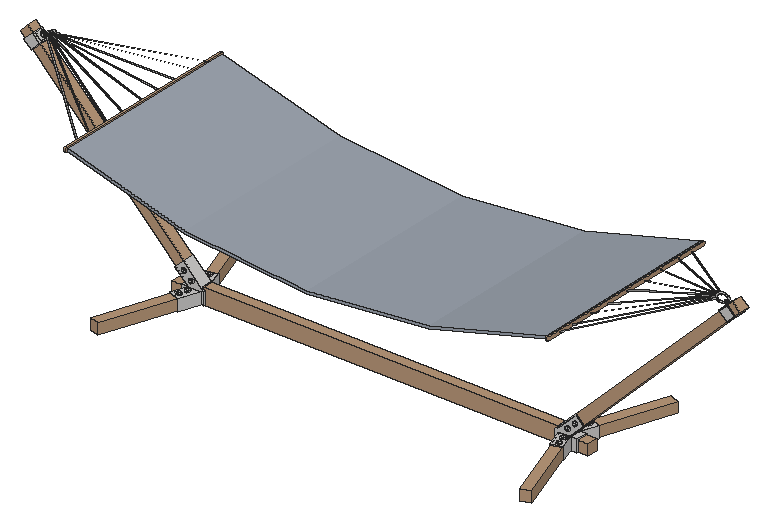
Revit family (continued)
Automatic sketch dimensions
  Extrusion 23 sketch curve to plane 7 = 0' - 0"
  Extrusion 23 sketch curve to plane 19 = 0' - 0 11/32"
  Sweep 24 sketch curve to plane 20 = 0' - 0"
  Sweep 24 sketch curve to plane 14 = 0' - 0.25038"
  Sweep 24 sketch curve to plane 20 = 1' - 5.16004"
  Sweep 24 sketch curve to plane 19 = 0' - 0.37233"
  Sweep 24 sketch curve to profile plane = 0' - 0"
  Sweep 24 sketch curve to plane 1 "Center (Front/Back)" = 0' - 0 1/4"
  Sweep 25 sketch curve to plane 14 = 0' - 0.23538"
  Sweep 25 sketch curve to plane 19 = 0' - 0.52051"
  Sweep 25 sketch curve to Sweep 25 sketch curve = 1' - 5.6753"
  Sweep 25 sketch curve to profile plane = 0' - 0"
  Sweep 25 sketch curve to profile plane = 0' - 0 1/4"
  Sweep 26 sketch curve to plane 14 = 0' - 0.23538"
  Sweep 26 sketch curve to plane 19 = 0' - 0.36672"
  Sweep 26 sketch curve to Sweep 26 sketch curve = 1' - 6.98492"
  Sweep 26 sketch curve to profile plane = 0' - 0"
  Sweep 26 sketch curve to profile plane = 0' - 0 1/4"
  Sweep 27 sketch curve to plane 14 = 0' - 0.23538"
  Sweep 27 sketch curve to plane 19 = 0' - 0.43863"
  Sweep 27 sketch curve to Sweep 27 sketch curve = 1' - 9.29734"
  Sweep 27 sketch curve to profile plane = 0' - 0"
  Sweep 27 sketch curve to profile plane = 0' - 0 1/4"
  Sweep 28 sketch curve to plane 14 = 0' - 0.40436"
  Sweep 28 sketch curve to plane 19 = 0' - 0.39567"
  Sweep 28 sketch curve to Sweep 28 sketch curve = 1' - 11.40661"
  Sweep 28 sketch curve to profile plane = 0' - 0"
  Sweep 28 sketch curve to profile plane = 0' - 0 1/4"
  Sweep 29 sketch curve to plane 14 = 0' - 0.23538"
  Sweep 29 sketch curve to plane 19 = 0' - 0.52051"
  Sweep 29 sketch curve to Sweep 29 sketch curve = 1' - 5.6753"
  Sweep 29 sketch curve to profile plane = 0' - 0"
  Sweep 29 sketch curve to profile plane = 0' - 0 1/4"
  Sweep 30 sketch curve to plane 14 = 0' - 0.23538"
  Sweep 30 sketch curve to plane 19 = 0' - 0.36672"
  Sweep 30 sketch curve to Sweep 30 sketch curve = 1' - 6.98492"
  Sweep 30 sketch curve to profile plane = 0' - 0"
  Sweep 30 sketch curve to profile plane = 0' - 0 1/4"
  Sweep 31 sketch curve to plane 14 = 0' - 0.23538"
  Sweep 31 sketch curve to plane 19 = 0' - 0.43863"
  Sweep 31 sketch curve to Sweep 31 sketch curve = 1' - 9.29734"
  Sweep 31 sketch curve to profile plane = 0' - 0"
  Sweep 31 sketch curve to profile plane = 0' - 0 1/4"
  Sweep 32 sketch curve to plane 14 = 0' - 0.54302"
  Sweep 32 sketch curve to plane 19 = 0' - 0.39567"
  Sweep 32 sketch curve to Sweep 32 sketch curve = 1' - 10.79467"
  Sweep 32 sketch curve to profile plane = 0' - 0"
  Sweep 32 sketch curve to profile plane = 0' - 0 1/4"
  Extrusion 33 sketch curve to plane 4 = 0' - 0"
  Extrusion 33 sketch curve to plane 10 = 0' - 0"
  Extrusion 33 sketch curve to Extrusion 33 sketch curve = 0' - 1.97327"
  Extrusion 33 sketch curve to Extrusion 33 sketch curve = 0' - 2.92489"
  Extrusion 33 sketch curve to Extrusion 33 sketch curve = 0' - 0.32591"
  Extrusion 34 sketch curve to plane 4 = 0' - 0"
  Extrusion 34 sketch curve to plane 15 = 0' - 0"
  Extrusion 34 sketch curve to plane 9 = 0' - 0 5/8"
  plane 13 to Extrusion 34 sketch curve = 0' - 1.40492"
  plane 13 to Extrusion 34 sketch curve = 0' - 0.29442"
  plane 12 to Extrusion 34 sketch curve = 0' - 0.70343"
  plane 4 to Extrusion 34 sketch curve = 0' - 0.74601"
  Extrusion 34 sketch curve to plane 9 = 0' - 0.22161"
  Extrusion 35 sketch curve to Extrusion 33 = 0' - 0"  (x4)
  Extrusion 35 sketch curve to Extrusion 33 = 0' - 0 1/8"  (x4)
  plane 13 to Extrusion 36 sketch curve = 0' - 1.44688"
  Extrusion 36 sketch curve to plane 10 = 0' - 0.79086"
  Extrusion 36 sketch curve to Extrusion 36 sketch curve = 0' - 0.22612"  (x3)
  Extrusion 36 sketch curve to Extrusion 36 sketch curve = 0' - 0.45225"  (x2)
  Extrusion 36 sketch curve to Extrusion 36 sketch curve = 0' - 0.39166"  (x3)
  plane 13 to Blend 37 sketch curve = 0' - 1.59122"
  Blend 37 sketch curve to Blend 37 sketch curve = 0' - 0.15396"  (x3)
  Blend 37 sketch curve to Blend 37 sketch curve = 0' - 0.30791"  (x2)
  Blend 37 sketch curve to plane 10 = 0' - 0.91586"
  Blend 37 sketch curve to Blend 37 sketch curve = 0' - 0.26666"  (x3)
  plane 13 to Extrusion 38 sketch curve = 0' - 0.98335"
  Extrusion 38 sketch curve to Extrusion 38 sketch curve = 0' - 0.22612"  (x3)
  Extrusion 38 sketch curve to Extrusion 38 sketch curve = 0' - 0.45225"  (x2)
  Extrusion 38 sketch curve to plane 10 = 0' - 2.21744"
  Extrusion 38 sketch curve to Extrusion 38 sketch curve = 0' - 0.39166"  (x3)
  plane 13 to Blend 39 sketch curve = 0' - 1.12769"
  Blend 39 sketch curve to Blend 39 sketch curve = 0' - 0.15396"  (x3)
  Blend 39 sketch curve to Blend 39 sketch curve = 0' - 0.30791"  (x2)
  Blend 39 sketch curve to plane 10 = 0' - 2.34244"
  Blend 39 sketch curve to Blend 39 sketch curve = 0' - 0.26666"  (x3)
  Extrusion 40 sketch curve to plane 10 = 0' - 3.00076"
  plane 13 to Extrusion 40 sketch curve = 0' - 0.98335"
  Extrusion 40 sketch curve to Extrusion 40 sketch curve = 0' - 0.39166"  (x3)
  Extrusion 40 sketch curve to Extrusion 40 sketch curve = 0' - 0.22612"  (x3)
  Extrusion 40 sketch curve to Extrusion 40 sketch curve = 0' - 0.45225"  (x2)
  Blend 41 sketch curve to plane 10 = 0' - 2.87576"
  plane 13 to Blend 41 sketch curve = 0' - 1.12769"
  Blend 41 sketch curve to Blend 41 sketch curve = 0' - 0.26666"  (x3)
  Blend 41 sketch curve to Blend 41 sketch curve = 0' - 0.15396"  (x3)
  Blend 41 sketch curve to Blend 41 sketch curve = 0' - 0.30791"  (x2)
  Extrusion 42 sketch curve to plane 10 = 0' - 1.57418"
  Extrusion 42 sketch curve to Extrusion 42 sketch curve = 0' - 0.39166"  (x3)
  plane 13 to Extrusion 42 sketch curve = 0' - 1.44688"
  Extrusion 42 sketch curve to Extrusion 42 sketch curve = 0' - 0.22612"  (x3)
  Extrusion 42 sketch curve to Extrusion 42 sketch curve = 0' - 0.45225"  (x2)
  Blend 43 sketch curve to plane 10 = 0' - 1.44918"
  Blend 43 sketch curve to Blend 43 sketch curve = 0' - 0.26666"  (x3)
  plane 13 to Blend 43 sketch curve = 0' - 1.59122"
  Blend 43 sketch curve to Blend 43 sketch curve = 0' - 0.15396"  (x3)
  Blend 43 sketch curve to Blend 43 sketch curve = 0' - 0.30791"  (x2)
  Extrusion 44 sketch curve to plane 13 = 0' - 0.02241"
  plane 13 to Extrusion 44 sketch curve = 0' - 0.35834"  (x2)
  Extrusion 44 sketch curve to Extrusion 44 sketch curve = 0' - 0.38075"
  plane 8 to Extrusion 44 sketch curve = 0' - 1.47701"
  Extrusion 44 sketch curve to Extrusion 44 sketch curve = 0' - 0.21983"  (x3)
  Extrusion 44 sketch curve to Extrusion 44 sketch curve = 0' - 0.43965"  (x2)
  plane 13 to Blend 45 sketch curve = 0' - 0.10259"
  Blend 45 sketch curve to Blend 45 sketch curve = 0' - 0.25575"  (x3)
  plane 8 to Blend 45 sketch curve = 0' - 1.33268"
  Blend 45 sketch curve to Blend 45 sketch curve = 0' - 0.14766"  (x3)
  Blend 45 sketch curve to Blend 45 sketch curve = 0' - 0.29531"  (x2)
  Extrusion 46 sketch curve to plane 8 = 0' - 0.05647"  (x2)
  plane 13 to Extrusion 46 sketch curve = 0' - 1.38632"
  plane 8 to Extrusion 46 sketch curve = 0' - 0.16335"
  Extrusion 46 sketch curve to Extrusion 46 sketch curve = 0' - 0.38075"  (x3)
  plane 9 to Extrusion 46 sketch curve = 0' - 0.28405"
  Extrusion 46 sketch curve to Extrusion 46 sketch curve = 0' - 0.43965"  (x2)
  Blend 47 sketch curve to plane 8 = 0' - 0.12864"  (x2)
  plane 13 to Blend 47 sketch curve = 0' - 1.51132"
  plane 9 to Blend 47 sketch curve = 0' - 0.42839"
  Blend 47 sketch curve to Blend 47 sketch curve = 0' - 0.25575"  (x3)
  plane 8 to Blend 47 sketch curve = 0' - 0.01901"
  Blend 47 sketch curve to Blend 47 sketch curve = 0' - 0.29531"  (x2)
  Extrusion 48 sketch curve to plane 5 = 0' - 0"
  Extrusion 48 sketch curve to plane 11 = 0' - 0"
  Extrusion 48 sketch curve to Extrusion 48 sketch curve = 0' - 1.97327"
  Extrusion 48 sketch curve to Extrusion 48 sketch curve = 0' - 2.92489"
  Extrusion 48 sketch curve to Extrusion 48 sketch curve = 0' - 0.32591"
  Extrusion 49 sketch curve to plane 14 = 0' - 1.03921"
  plane 5 to Extrusion 49 sketch curve = 2' - 10.19159"
  plane 14 to Extrusion 49 sketch curve = 0' - 0 3/8"
  Extrusion 49 sketch curve to Extrusion 49 sketch curve = 0' - 1.41421"
  plane 16 to Extrusion 49 sketch curve = 0' - 0.09921"
  Extrusion 50 sketch curve to plane 5 = 0' - 0"
  Extrusion 50 sketch curve to plane 15 = 0' - 0"
  Extrusion 50 sketch curve to plane 9 = 0' - 0 5/8"
  Extrusion 50 sketch curve to Extrusion 50 sketch curve = 0' - 2.03258"
  plane 5 to Extrusion 50 sketch curve = 0' - 3.14308"
  plane 8 to Extrusion 50 sketch curve = 0' - 1.07649"
  Extrusion 50 sketch curve to Extrusion 50 sketch curve = 0' - 1.59099"
  Extrusion 50 sketch curve to plane 5 = 0' - 0.74601"
  Extrusion 51 sketch curve to Extrusion 48 = 0' - 0"  (x4)
  Extrusion 51 sketch curve to Extrusion 48 = 0' - 0 1/8"  (x4)
  plane 5 to Extrusion 52 sketch curve = 0' - 1.99062"
  plane 11 to Extrusion 52 sketch curve = 0' - 0.79086"
  Extrusion 52 sketch curve to Extrusion 52 sketch curve = 0' - 0.22612"  (x3)
  Extrusion 52 sketch curve to Extrusion 52 sketch curve = 0' - 0.45225"  (x2)
  Extrusion 52 sketch curve to Extrusion 52 sketch curve = 0' - 0.39166"  (x3)
  plane 5 to Blend 53 sketch curve = 0' - 1.84628"
  Blend 53 sketch curve to Blend 53 sketch curve = 0' - 0.15396"  (x3)
  Blend 53 sketch curve to Blend 53 sketch curve = 0' - 0.30791"  (x2)
  plane 11 to Blend 53 sketch curve = 0' - 0.91586"
  Blend 53 sketch curve to Blend 53 sketch curve = 0' - 0.26666"  (x3)
  plane 5 to Extrusion 54 sketch curve = 0' - 2.45415"
  Extrusion 54 sketch curve to Extrusion 54 sketch curve = 0' - 0.22612"  (x3)
  Extrusion 54 sketch curve to Extrusion 54 sketch curve = 0' - 0.45225"  (x2)
  plane 11 to Extrusion 54 sketch curve = 0' - 2.21744"
  Extrusion 54 sketch curve to Extrusion 54 sketch curve = 0' - 0.39166"  (x3)
  plane 5 to Blend 55 sketch curve = 0' - 2.30981"
  Blend 55 sketch curve to Blend 55 sketch curve = 0' - 0.15396"  (x3)
  Blend 55 sketch curve to Blend 55 sketch curve = 0' - 0.30791"  (x2)
  plane 11 to Blend 55 sketch curve = 0' - 2.34244"
  Blend 55 sketch curve to Blend 55 sketch curve = 0' - 0.26666"  (x3)
  plane 11 to Extrusion 56 sketch curve = 0' - 3.00076"
  Extrusion 56 sketch curve to Extrusion 56 sketch curve = 0' - 0.39166"  (x3)
  plane 5 to Extrusion 56 sketch curve = 0' - 2.45415"
  Extrusion 56 sketch curve to Extrusion 56 sketch curve = 0' - 0.22612"  (x3)
  Extrusion 56 sketch curve to Extrusion 56 sketch curve = 0' - 0.45225"  (x2)
  plane 11 to Blend 57 sketch curve = 0' - 2.87576"
  Blend 57 sketch curve to Blend 57 sketch curve = 0' - 0.26666"  (x3)
  plane 5 to Blend 57 sketch curve = 0' - 2.30981"
  Blend 57 sketch curve to Blend 57 sketch curve = 0' - 0.15396"  (x3)
  Blend 57 sketch curve to Blend 57 sketch curve = 0' - 0.30791"  (x2)
  plane 11 to Extrusion 58 sketch curve = 0' - 1.57418"
  Extrusion 58 sketch curve to Extrusion 58 sketch curve = 0' - 0.39166"  (x3)
  plane 5 to Extrusion 58 sketch curve = 0' - 1.99062"
  Extrusion 58 sketch curve to Extrusion 58 sketch curve = 0' - 0.22612"  (x3)
  Extrusion 58 sketch curve to Extrusion 58 sketch curve = 0' - 0.45225"  (x2)
  plane 11 to Blend 59 sketch curve = 0' - 1.44918"
  Blend 59 sketch curve to Blend 59 sketch curve = 0' - 0.26666"  (x3)
  plane 5 to Blend 59 sketch curve = 0' - 1.84628"
  Blend 59 sketch curve to Blend 59 sketch curve = 0' - 0.15396"  (x3)
  Blend 59 sketch curve to Blend 59 sketch curve = 0' - 0.30791"  (x2)
  Extrusion 60 sketch curve to plane 8 = 0' - 1.25719"  (x2)
  Extrusion 60 sketch curve to plane 5 = 0' - 3.45991"
  Extrusion 60 sketch curve to plane 8 = 0' - 1.47701"
  Extrusion 60 sketch curve to Extrusion 60 sketch curve = 0' - 0.38075"  (x3)
  Extrusion 60 sketch curve to plane 8 = 0' - 0.59771"
  Extrusion 60 sketch curve to Extrusion 60 sketch curve = 0' - 0.43965"  (x2)
  Blend 61 sketch curve to plane 8 = 0' - 1.18502"
  Blend 61 sketch curve to plane 5 = 0' - 3.33491"
  Blend 61 sketch curve to plane 8 = 0' - 0.74205"
  Blend 61 sketch curve to Blend 61 sketch curve = 0' - 0.25575"  (x3)
  Blend 61 sketch curve to plane 8 = 0' - 1.33268"
  Blend 61 sketch curve to Blend 61 sketch curve = 0' - 0.29531"  (x2)
  Blend 61 sketch curve to Blend 61 sketch curve = 0' - 0.14766"
  plane 8 to Extrusion 62 sketch curve = 0' - 0.05647"  (x2)
  Extrusion 62 sketch curve to plane 5 = 0' - 2.05118"
  Extrusion 62 sketch curve to plane 8 = 0' - 0.16335"
  Extrusion 62 sketch curve to Extrusion 62 sketch curve = 0' - 0.38075"  (x3)
  Extrusion 62 sketch curve to plane 9 = 0' - 0.28405"
  Extrusion 62 sketch curve to Extrusion 62 sketch curve = 0' - 0.43965"  (x2)
  plane 8 to Blend 63 sketch curve = 0' - 0.12864"  (x2)
  Blend 63 sketch curve to plane 5 = 0' - 1.92618"
  Blend 63 sketch curve to plane 9 = 0' - 0.42839"
  Blend 63 sketch curve to Blend 63 sketch curve = 0' - 0.25575"  (x3)
  Blend 63 sketch curve to plane 8 = 0' - 0.01901"
  Blend 63 sketch curve to Blend 63 sketch curve = 0' - 0.29531"
  Blend 63 sketch curve to Blend 63 sketch curve = 0' - 0.14766"
  Extrusion 64 sketch curve to plane 10 = 0' - 0"
  Extrusion 64 sketch curve to plane 11 = 0' - 0"
  plane 11 to Extrusion 64 sketch curve = 0' - 0 1/8"
  Extrusion 64 sketch curve to Extrusion 64 sketch curve = 0' - 0 1/8"  (x2)
  Extrusion 64 sketch curve to Extrusion 64 sketch curve = 0' - 2"
  Extrusion 64 sketch curve to plane 10 = 0' - 0 1/8"
  Extrusion 64 to Extrusion 65 sketch curve = 0' - 0 1/4"  (x2)
  Extrusion 64 to Extrusion 65 sketch curve = 0' - 0 1/2"  (x2)
  Extrusion 66 sketch curve to Extrusion 65 = 0' - 0.53674"
  Extrusion 66 sketch curve to Extrusion 66 sketch curve = 0' - 0.12506"
  Extrusion 66 sketch curve to Extrusion 65 = 0' - 0.71312"
  Extrusion 66 sketch curve to Extrusion 66 sketch curve = 0' - 0.22771"
  Extrusion 67 sketch curve to Extrusion 67 sketch curve = 0' - 0"  (x2)
  plane 14 to Extrusion 67 sketch curve = 0' - 0.77535"
  Extrusion 67 sketch curve to plane 5 = 2' - 6.81562"
  Sweep 68 sketch curve to plane 1 "Center (Front/Back)" = 0' - 0.32224"
  Sweep 68 sketch curve to profile plane = 0' - 0"  (x2)
  Extrusion 69 sketch curve to plane 6 = 0' - 0"
  Extrusion 69 sketch curve to plane 7 = 0' - 0"
  Extrusion 69 sketch curve to plane 19 = 0' - 0"
  Extrusion 69 sketch curve to Extrusion 69 sketch curve = 0' - 0 11/32"
  plane 14 to Sweep 70 sketch curve = 0' - 0.25038"
  Sweep 70 sketch curve to plane 5 = 2' - 4.94848"
  plane 19 to Sweep 70 sketch curve = 0' - 0.37233"
  Sweep 70 sketch curve to plane 5 = 0' - 11.78845"
  Sweep 70 sketch curve to profile plane = 0' - 0"
  Sweep 70 sketch curve to plane 1 "Center (Front/Back)" = 0' - 0 1/4"
  Sweep 71 sketch curve to plane 14 = 0' - 0.23538"
  Sweep 71 sketch curve to plane 19 = 0' - 0.52051"
  Sweep 71 sketch curve to Sweep 71 sketch curve = 1' - 5.6753"
  Sweep 71 sketch curve to profile plane = 0' - 0"
  Sweep 71 sketch curve to profile plane = 0' - 0 1/4"
  Sweep 72 sketch curve to plane 14 = 0' - 0.23538"
  Sweep 72 sketch curve to plane 19 = 0' - 0.36672"
  Sweep 72 sketch curve to Sweep 72 sketch curve = 1' - 6.98492"
  Sweep 72 sketch curve to profile plane = 0' - 0"
  Sweep 72 sketch curve to profile plane = 0' - 0 1/4"
  Sweep 73 sketch curve to plane 14 = 0' - 0.23538"
  Sweep 73 sketch curve to plane 19 = 0' - 0.43863"
  Sweep 73 sketch curve to Sweep 73 sketch curve = 1' - 9.29734"
  Sweep 73 sketch curve to profile plane = 0' - 0"
  Sweep 73 sketch curve to profile plane = 0' - 0 1/4"
  Sweep 74 sketch curve to plane 14 = 0' - 0.40436"
  Sweep 74 sketch curve to plane 19 = 0' - 0.39567"
  Sweep 74 sketch curve to Sweep 74 sketch curve = 1' - 11.40661"
  Sweep 74 sketch curve to profile plane = 0' - 0"
  Sweep 74 sketch curve to profile plane = 0' - 0 1/4"
  Sweep 75 sketch curve to plane 14 = 0' - 0.23538"
  Sweep 75 sketch curve to plane 19 = 0' - 0.52051"
  Sweep 75 sketch curve to Sweep 75 sketch curve = 1' - 5.6753"
  Sweep 75 sketch curve to profile plane = 0' - 0"
  Sweep 75 sketch curve to profile plane = 0' - 0 1/4"
  Sweep 76 sketch curve to plane 14 = 0' - 0.23538"
  Sweep 76 sketch curve to plane 19 = 0' - 0.36672"
  Sweep 76 sketch curve to Sweep 76 sketch curve = 1' - 6.98492"
  Sweep 76 sketch curve to profile plane = 0' - 0"
  Sweep 76 sketch curve to profile plane = 0' - 0 1/4"
  Sweep 77 sketch curve to plane 14 = 0' - 0.26414"
  Sweep 77 sketch curve to plane 19 = 0' - 0.43863"
  Sweep 77 sketch curve to Sweep 77 sketch curve = 1' - 9.18629"
  Sweep 77 sketch curve to profile plane = 0' - 0"
  Sweep 77 sketch curve to profile plane = 0' - 0 1/4"
  Extrusion 78 sketch curve to plane 5 = 0' - 0"
  Extrusion 78 sketch curve to plane 10 = 0' - 0"
  Extrusion 78 sketch curve to Extrusion 78 sketch curve = 0' - 1.97327"
  Extrusion 78 sketch curve to Extrusion 78 sketch curve = 0' - 2.92489"
  Extrusion 78 sketch curve to Extrusion 78 sketch curve = 1' - 5.38298"
  Extrusion 79 sketch curve to plane 5 = 0' - 0"
  Extrusion 79 sketch curve to plane 15 = 0' - 0"
  Extrusion 79 sketch curve to plane 9 = 0' - 0 5/8"
  Extrusion 79 sketch curve to Extrusion 79 sketch curve = 0' - 2.03258"
  plane 5 to Extrusion 79 sketch curve = 0' - 3.14308"
  plane 8 to Extrusion 79 sketch curve = 0' - 1.07649"
  Extrusion 79 sketch curve to Extrusion 79 sketch curve = 0' - 1.59099"
  Extrusion 79 sketch curve to plane 5 = 0' - 0.74601"
  Extrusion 80 sketch curve to Extrusion 78 = 0' - 0"  (x4)
  Extrusion 80 sketch curve to Extrusion 78 = 0' - 0 1/8"  (x4)
  plane 5 to Extrusion 81 sketch curve = 0' - 1.99062"
  Extrusion 81 sketch curve to plane 10 = 0' - 0.79086"
  Extrusion 81 sketch curve to Extrusion 81 sketch curve = 0' - 0.22612"  (x3)
  Extrusion 81 sketch curve to Extrusion 81 sketch curve = 0' - 0.45225"  (x2)
  Extrusion 81 sketch curve to Extrusion 81 sketch curve = 0' - 0.39166"  (x3)
  plane 5 to Blend 82 sketch curve = 0' - 1.84628"
  Blend 82 sketch curve to Blend 82 sketch curve = 0' - 0.15396"  (x3)
  Blend 82 sketch curve to Blend 82 sketch curve = 0' - 0.30791"  (x2)
  Blend 82 sketch curve to plane 10 = 0' - 1.44918"
  Blend 82 sketch curve to Blend 82 sketch curve = 0' - 0.26666"  (x3)
  plane 5 to Extrusion 83 sketch curve = 0' - 2.45415"
  Extrusion 83 sketch curve to Extrusion 83 sketch curve = 0' - 0.22612"  (x3)
  Extrusion 83 sketch curve to Extrusion 83 sketch curve = 0' - 0.45225"  (x2)
  Extrusion 83 sketch curve to plane 10 = 0' - 3.00076"
  Extrusion 83 sketch curve to Extrusion 83 sketch curve = 0' - 0.39166"  (x3)
  plane 5 to Blend 84 sketch curve = 0' - 2.30981"
  Blend 84 sketch curve to Blend 84 sketch curve = 0' - 0.15396"  (x3)
  Blend 84 sketch curve to Blend 84 sketch curve = 0' - 0.30791"  (x2)
  Blend 84 sketch curve to plane 10 = 0' - 2.87576"
  Blend 84 sketch curve to Blend 84 sketch curve = 0' - 0.26666"  (x3)
  Extrusion 85 sketch curve to plane 10 = 0' - 2.21744"
  Extrusion 85 sketch curve to Extrusion 85 sketch curve = 0' - 0.39166"  (x3)
  plane 5 to Extrusion 85 sketch curve = 0' - 2.45415"
  Extrusion 85 sketch curve to Extrusion 85 sketch curve = 0' - 0.22612"  (x3)
  Extrusion 85 sketch curve to Extrusion 85 sketch curve = 0' - 0.45225"  (x2)
  Blend 86 sketch curve to plane 10 = 0' - 2.34244"
  Blend 86 sketch curve to Blend 86 sketch curve = 0' - 0.26666"  (x3)
  plane 5 to Blend 86 sketch curve = 0' - 2.30981"
  Blend 86 sketch curve to Blend 86 sketch curve = 0' - 0.15396"  (x3)
  Blend 86 sketch curve to Blend 86 sketch curve = 0' - 0.30791"  (x2)
  Extrusion 87 sketch curve to plane 10 = 0' - 0.79086"
  Extrusion 87 sketch curve to Extrusion 87 sketch curve = 0' - 0.39166"  (x3)
  plane 5 to Extrusion 87 sketch curve = 0' - 1.99062"
  Extrusion 87 sketch curve to Extrusion 87 sketch curve = 0' - 0.22612"  (x3)
  Extrusion 87 sketch curve to Extrusion 87 sketch curve = 0' - 0.45225"  (x2)
  Blend 88 sketch curve to plane 10 = 0' - 0.91586"
  Blend 88 sketch curve to Blend 88 sketch curve = 0' - 0.26666"  (x3)
  plane 5 to Blend 88 sketch curve = 0' - 1.84628"
  Blend 88 sketch curve to Blend 88 sketch curve = 0' - 0.15396"  (x3)
  Blend 88 sketch curve to Blend 88 sketch curve = 0' - 0.30791"  (x2)
  plane 8 to Extrusion 89 sketch curve = 0' - 1.25719"  (x2)
  plane 5 to Extrusion 89 sketch curve = 0' - 3.45991"
  plane 8 to Extrusion 89 sketch curve = 0' - 1.47701"
  Extrusion 89 sketch curve to Extrusion 89 sketch curve = 0' - 0.38075"  (x3)
  plane 8 to Extrusion 89 sketch curve = 0' - 0.59771"
  Extrusion 89 sketch curve to Extrusion 89 sketch curve = 0' - 0.43965"  (x2)
  plane 8 to Blend 90 sketch curve = 0' - 1.18502"
  plane 5 to Blend 90 sketch curve = 0' - 3.33491"
  plane 8 to Blend 90 sketch curve = 0' - 0.74205"
  Blend 90 sketch curve to Blend 90 sketch curve = 0' - 0.25575"  (x3)
  plane 8 to Blend 90 sketch curve = 0' - 1.33268"
  Blend 90 sketch curve to Blend 90 sketch curve = 0' - 0.29531"  (x2)
  Blend 90 sketch curve to Blend 90 sketch curve = 0' - 0.14766"
  Extrusion 91 sketch curve to plane 8 = 0' - 0.05647"  (x2)
  plane 5 to Extrusion 91 sketch curve = 0' - 2.05118"
  plane 8 to Extrusion 91 sketch curve = 0' - 0.16335"
  Extrusion 91 sketch curve to Extrusion 91 sketch curve = 0' - 0.38075"  (x3)
  plane 9 to Extrusion 91 sketch curve = 0' - 0.28405"
  Extrusion 91 sketch curve to Extrusion 91 sketch curve = 0' - 0.43965"  (x2)
  Blend 92 sketch curve to plane 8 = 0' - 0.12864"  (x2)
  plane 5 to Blend 92 sketch curve = 0' - 1.92618"
  plane 9 to Blend 92 sketch curve = 0' - 0.42839"
  Blend 92 sketch curve to Blend 92 sketch curve = 0' - 0.25575"  (x3)
  plane 8 to Blend 92 sketch curve = 0' - 0.01901"
  Blend 92 sketch curve to Blend 92 sketch curve = 0' - 0.29531"
  Blend 92 sketch curve to Blend 92 sketch curve = 0' - 0.14766"
  Extrusion 93 sketch curve to plane 19 = 0' - 0"
  plane 20 to Extrusion 93 sketch curve = 0' - 0 5/16"
  Extrusion 93 sketch curve to plane 3 "Center (Left/Right)" = 0' - 0.21858"
  Extrusion 93 sketch curve to plane 3 "Center (Left/Right)" = 0' - 0.17729"
  plane 5 to Extrusion 93 sketch curve = 0' - 11.40213"
  Extrusion 93 sketch curve to Extrusion 93 sketch curve = 0' - 0.07382"
  level to Extrusion 93 sketch curve = 2' - 6.33237"
  Extrusion 93 sketch curve to plane 19 = 0' - 0.45475"
  Extrusion 93 sketch curve to Extrusion 93 sketch curve = 0' - 0.51403"
  Extrusion 94 sketch curve to plane 10 = 0' - 0"
  Extrusion 94 sketch curve to plane 12 = 0' - 0"
  Extrusion 94 sketch curve to plane 4 = 0' - 0"
  Extrusion 94 sketch curve to plane 11 = 0' - 0"
  Extrusion 95 sketch curve to plane 17 = 0' - 0"
  plane 11 to Extrusion 95 sketch curve = 0' - 0 1/8"
  Extrusion 95 sketch curve to plane 10 = 0' - 0 1/8"
  Extrusion 95 sketch curve to Extrusion 95 sketch curve = 0' - 0 1/8"
  Extrusion 96 sketch curve to Extrusion 3 = 0' - 0"  (x3)
  Extrusion 96 sketch curve to Extrusion 96 sketch curve = 0' - 0 1/8"
  Extrusion 97 sketch curve to plane 11 = 0' - 0"
  Extrusion 97 sketch curve to plane 10 = 0' - 0"
  Extrusion 97 sketch curve to Extrusion 97 sketch curve = 0' - 0 1/8"
  Extrusion 98 sketch curve to Extrusion 3 = 0' - 0"  (x2)
  Extrusion 3 to Extrusion 98 sketch curve = 0' - 0.12156"
  Extrusion 98 sketch curve to Extrusion 3 = 0' - 0.00344"
  Extrusion 99 sketch curve to plane 11 = 0' - 0"
  Extrusion 99 sketch curve to plane 10 = 0' - 0"
  Extrusion 99 sketch curve to Extrusion 99 sketch curve = 0' - 0 1/8"
  Extrusion 100 sketch curve to plane 10 = 0' - 0"
  Extrusion 100 sketch curve to plane 11 = 0' - 0"
  Extrusion 100 sketch curve to plane 5 = 0' - 0"
  Extrusion 100 sketch curve to Extrusion 100 sketch curve = 0' - 5 7/16"
  Extrusion 101 sketch curve to plane 17 = 0' - 0"
  plane 11 to Extrusion 101 sketch curve = 0' - 0 1/8"
  Extrusion 101 sketch curve to plane 10 = 0' - 0 1/8"
  Extrusion 101 sketch curve to Extrusion 101 sketch curve = 0' - 0 1/8"
  Sweep 102 sketch curve to plane 14 = 0' - 0.54302"
  Sweep 102 sketch curve to plane 19 = 0' - 0.39567"
  Sweep 102 sketch curve to Sweep 102 sketch curve = 1' - 10.79467"
  Sweep 102 sketch curve to profile plane = 0' - 0"
  Sweep 102 sketch curve to profile plane = 0' - 0 1/4"
  radius of Extrusion 21 sketch curve = 0' - 0.32709"
  radius of Extrusion 21 sketch curve = 0' - 0 1/4"
  radius of Sweep 22 sketch curve = 0' - 0.96422"
  radius of Sweep 22 sketch curve = 0' - 0.10305"
  radius of Sweep 24 sketch curve = 0' - 0.0558"
  radius of Sweep 25 sketch curve = 0' - 0.0558"
  radius of Sweep 26 sketch curve = 0' - 0.0558"
  radius of Sweep 27 sketch curve = 0' - 0.0558"
  radius of Sweep 28 sketch curve = 0' - 0.0558"
  radius of Sweep 29 sketch curve = 0' - 0.0558"
  radius of Sweep 30 sketch curve = 0' - 0.0558"
  radius of Sweep 31 sketch curve = 0' - 0.0558"
  radius of Sweep 32 sketch curve = 0' - 0.0558"
  radius of Extrusion 67 sketch curve = 0' - 0.32709"
  radius of Extrusion 67 sketch curve = 0' - 0 1/4"
  radius of Sweep 68 sketch curve = 0' - 0.96422"
  radius of Sweep 68 sketch curve = 0' - 0.10305"
  radius of Sweep 70 sketch curve = 0' - 0.0558"
  radius of Sweep 71 sketch curve = 0' - 0.0558"
  radius of Sweep 72 sketch curve = 0' - 0.0558"
  radius of Sweep 73 sketch curve = 0' - 0.0558"
  radius of Sweep 74 sketch curve = 0' - 0.0558"
  radius of Sweep 75 sketch curve = 0' - 0.0558"
  radius of Sweep 76 sketch curve = 0' - 0.0558"
  radius of Sweep 77 sketch curve = 0' - 0.0558"
  radius of Sweep 102 sketch curve = 0' - 0.0558"
